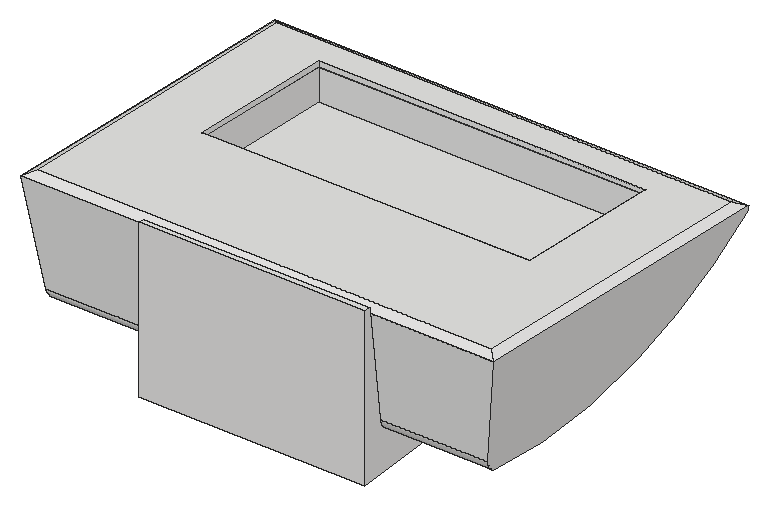
Revit family "WD2S-Up", category Lighting Fixtures, host Wall, Revit 2021
Family settings
  Host = Wall
  Round Connector Dimension = Use Diameter
  Part Type = Normal
  OmniClass Number = 23.80.70.14.11.17
  OmniClass Title = Wall or Ceiling Mounted External Lighting
  Always vertical = No
  Cut with Voids When Loaded = No
  Light Source = Yes
  Shared = Yes
  Room Calculation Point = No
Parameters (values of type "WDS-U-24L-30-3K7-3")
  Watts = 29 W
  Wattage Comments = "30, 40, 60 & 75W"  # constant formula
  Wattage = 29 W
  built-in parameter 1150110 = 1 (stored number, unit not read)
  Voltage = 120 V
  URL = "https://www.currentlighting.com/kimlighting"
  Type Comments = "Lighting Fixture"  # constant formula
  built-in parameter 1114217 = 1 (stored number, unit not read)
  Tilt Angle = 90.00°
  built-in parameter 1150109 = 1 (stored number, unit not read)
  built-in parameter 1150134 = (empty or 0)
  built-in parameter 1150113 = 1 (stored number, unit not read)
  Series = "Wall Director"  # constant formula
  Product Page URL = ""
  Product Documentation Link = ""
  Power Factor = 1  # constant formula
  Photometric Web File = "WDS-D-24L-30-3K7-3.IES"
  Photometric Notes = "More IES files download on Photometric Web Link"  # constant formula
  OmniClass Title = "Wall or Ceiling Mounted External Lighting"  # constant formula
  OmniClass Number = "23-80 70 14 11 17"  # constant formula
  Number of Poles = 1
  Note Visible = yes
  Note Text = "LF"  # constant formula
  Mounting Height = 72.00"
  Model = "WD2S-Up"  # constant formula
  MasterFormat Title = "Parking Lighting, Site Lighting"  # constant formula
  Manufacturer = "Kim Lighting"  # constant formula
  Lumens = 3364 lm
  built-in parameter 1150115 = 1 (stored number, unit not read)
  built-in parameter 1150105 = 267.7 (stored number, unit not read)
  Load Classification = Lighting
  built-in parameter 1150137 = (empty or 0)
  built-in parameter 1150139 = (empty or 0)
  Light Engine = "3000K/70CRI"
  built-in parameter 1150112 = 1 (stored number, unit not read)
  built-in parameter 1150114 = 1 (stored number, unit not read)
  Lamp = "24 LEDs"  # constant formula
  built-in parameter 1150132 = (empty or 0)
  built-in parameter 1150102 = (empty or 0)
  built-in parameter 1150138 = (empty or 0)
  built-in parameter 1150107 = 3000 (stored number, unit not read)
  built-in parameter 1150106 = 2.677 (stored number, unit not read)
  Emit from Rectangle Width = 9.00"  # constant formula
  Emit from Rectangle Length = 4.00"  # constant formula
  Emit Shape Visible in Rendering = no
  built-in parameter 1150104 = 10.777 (stored number, unit not read)
  Distribution = "Type III"
  Dimming Lamp Color Temperature Shift = <None>
  Description = "Wall Mounted Luminaire"  # constant formula
  Default Elevation = 0.00"
  Colour Option = WD : White
  Color Filter = 16777215
  built-in parameter 1114218 = 1 (stored number, unit not read)
  built-in parameter 1150133 = 10 (stored number, unit not read)
  Assembly Code = "D5020200"
  Apparent Load = 0 VA
Types (7): name | Watts | Wattage | built-in parameter 1150134 | Photometric Web File | Mounting Height | Lumens | built-in parameter 1150105 | Light Engine | built-in parameter 1150107 | built-in parameter 1150106 | built-in parameter 1150104 | Distribution
  (no name) | 29 W | 29 W | (empty or 0) | "WDS-D-24L-30-3K7-3.IES" | 72.00" | 3364 lm | 267.7 (stored number, unit not read) | "3000K/70CRI" | 3000 (stored number, unit not read) | 2.677 (stored number, unit not read) | 10.777 (stored number, unit not read) | "Type III"
  WDS-U-24L-59-4K7-3 | 59 W | 59 W | 12 | "WDS-D-24L-59-4K7-3.IES" | 72.00" | 6372 lm | 507.07 (stored number, unit not read) | "4000K/70CRI" | 4000 (stored number, unit not read) | 5.0707 (stored number, unit not read) | 10.034 (stored number, unit not read) | "Type III"
  WDS-U-24L-30-3K7-WG | 29 W | 29 W | (empty or 0) | "WDS-D-24L-30-3K7-WG.IES" | 72.00" | 3393 lm | 270.01 (stored number, unit not read) | "3000K/70CRI" | 3000 (stored number, unit not read) | 2.7001 (stored number, unit not read) | 10.87 (stored number, unit not read) | "Wall Graze"
  WDS-U-24L-42-3K7-4F | 42 W | 42 W | (empty or 0) | "WDS-D-24L-42-3K7-4F.IES" | 72.00" | 4536 lm | 360.96 (stored number, unit not read) | "3000K/70CRI" | 3000 (stored number, unit not read) | 3.6096 (stored number, unit not read) | 10.034 (stored number, unit not read) | "Type IV Forward"
  WDS-U-24L-59-5K7-1 | 59 W | 59 W | 2 | "WDS-D-24L-59-5K7-1.ies" | 72.00" | 6608 lm | 1752.7 (stored number, unit not read) | "5000K/70CRI" | 5000 (stored number, unit not read) | 17.527 (stored number, unit not read) | 10.405 (stored number, unit not read) | "Type I"
  WDS-U-24L-74-4K7-3 | 74 W | 74 W | 12 | "WDS-D-24L-74-4K7-3.IES" | 108.50" | 7844 lm | 624.21 (stored number, unit not read) | "4000K/70CRI" | 4000 (stored number, unit not read) | 6.2421 (stored number, unit not read) | 9.8477 (stored number, unit not read) | "Type III"
  WDS-U-24L-30-3K7-3 | 29 W | 29 W | (empty or 0) | "WDS-D-24L-30-3K7-3.IES" | 72.00" | 3364 lm | 267.7 (stored number, unit not read) | "3000K/70CRI" | 3000 (stored number, unit not read) | 2.677 (stored number, unit not read) | 10.777 (stored number, unit not read) | "Type III"
Reference planes (in)
  plane 1: y = 0
  plane 2 "Light Source Axis (F/B)": y = 9
  plane 3 "Light Source Axis (L/R)": x = -1.43133
  plane 4 "Light Source Elevation": z = 72
  plane 5 "Back": y = 3
  plane 6: z = 0
  plane 7: z = 70.5
Text (in)
  text "Placement Side" at (0, 30.98322, 113.37339), in view "Right"
  text "Placement Side" at (-61.11156, 46.17328, 0), in view "Ref. Level"
  text "Placement Side" at (0, 49.33155, 111.53661), in view "Left"
Dimensions and locks (in)
  locked: plane 5 "Back" to host wall
  plane 6 to plane 4 "Light Source Elevation" = 72.00"
  locked: plane 2 "Light Source Axis (F/B)" to plane 5 "Back" at 6
  locked: plane 7 to plane 4 "Light Source Elevation" at 1.5
  "Mounting Height": plane 6 to plane 4 "Light Source Elevation"
  aligned and locked: plane 4 "Light Source Elevation" to imposter light
  aligned and locked: imposter light to plane 2 "Light Source Axis (F/B)"
  aligned and locked: plane 3 "Light Source Axis (L/R)" to nested 1
  aligned and locked: plane 7 to nested 1
  aligned and locked: plane 3 "Light Source Axis (L/R)" to imposter light
Nested families (in)
  nested 1: "WD" at (-1.43133, 3, 70.5) x (1, 0, 0) z (0, 1, 0), type "Platinum Silver"
Connectors (in)
  electrical at (-1.43133, 3, 70.5), driven by "Load Classification", driven by "Voltage", driven by "Apparent Load", driven by "Power Factor"
    settings: on nested 1, index 1, voltage 120 V, apparent load 0 VA, apparent load phase1 0 VA, apparent load phase2 0 VA, apparent load phase3 0 VA, power factor 1, load classification "Lighting", number of poles 1, system type 30, power factor state 1, is connector primary yes, connector utility no, sub classification motor no, connector description "Ligthing Connector"
Definition of nested family "WD"
  Parameters
    Material Finish = none
    Glass = none
    Default Elevation = 48.00"
  Reference planes (in)
    plane 1 "Center (Front/Back)": y = 0
    plane 2: z = 0
    plane 3 "Center (Left/Right)": x = 0
    plane 4: x = -6.5
    plane 5: x = 6.5
    plane 6: y = 2.15
    plane 7: y = -2.15
    plane 8: y = -2.025
    plane 9: through (-6.5, -2.025, 48) normal (-0.9877, 0.1564, 0)
    plane 10: through (6.5, -2.025, 48) normal (-0.9877, -0.1564, 0)
    plane 11: z = 8.9
    plane 12: x = -3.1
    plane 13: x = 3.1
    plane 14: z = 7.9
    plane 15: z = 3.9
    plane 16: x = -4.5
    plane 17: x = 4.5
    plane 18: y = -1.15
  Forms (in)
    Extrusion 1, solid, material <- "Material Finish"
      sketch origin (0, 0, 0) x (0, 1, 0) y (0, 0, 1)
        loop
          line (-2.025, 0.17032) -> (0.73999, 0.50982)
          arc (0.73999, 0.50982) -> (0.97971, 0.62792) -> (1.09396, 0.8695) r 0.40569
          arc (1.09396, 0.8695) -> (1.0549, 3.28133) -> (0.43271, 5.61186) r 9.88236
          arc (0.43271, 5.61186) -> (-0.54071, 7.39296) -> (-1.90039, 8.9) r 8.69883
          line (-1.90039, 8.9) -> (-2.025, 8.9) -> (-2.025, 0.17032)
      from -6.5 to 6.5
    Extrusion 2, solid, material <- "Material Finish"
      sketch origin (0, 0, 0) x (0, 1, 0) y (0, 0, 1)
        loop
          line (-2.15, 0) -> (2.15, 0)
          arc (2.15, 0) -> (1.7043, 3.06816) -> (0.33308, 5.84881) r 9.9183
          arc (0.33308, 5.84881) -> (0.38377, 5.7307) -> (0.43271, 5.61186) r 8.69883
          arc (0.43271, 5.61186) -> (1.0549, 3.28133) -> (1.09396, 0.8695) r 9.88236
          arc (1.09396, 0.8695) -> (0.97971, 0.62792) -> (0.73999, 0.50982) r 0.40569
          line (0.73999, 0.50982) -> (-2.15, 0.15497) -> (-2.15, 0)
      from -3.1 to 3.1
    Extrusion 3, void
      sketch origin (0, 0, 0) x (1, 0, 0) y (0, 1, 0)
        loop
          line (-6.5, -2.025) -> (-5.83874, 2.15) -> (-6.5, 2.15) -> (-6.5, -2.025)
        loop
          line (6.5, -2.025) -> (6.5, 2.15) -> (5.83874, 2.15) -> (6.5, -2.025)
      from 0 to 8.9
    Blend 4, solid, material <- "Material Finish"
      base sketch origin (0, 0, 0) x (1, 0, 0) y (0, 0, 1)
        loop
          line (-6.5, 8.9) -> (-6.5, 0.17032) -> (6.5, 0.17032) -> (6.5, 8.9) -> (-6.5, 8.9)
      top sketch origin (0, 0, 0) x (1, 0, 0) y (0, 0, 1)
        loop
          line (-6.23026, 8.65) -> (-6.23026, 0.42032) -> (6.25, 0.42032) -> (6.25, 8.65) -> (-6.23026, 8.65)
      from 2.025 to 2.15
    Extrusion 5, void
      sketch origin (0, 0, 0) x (1, 0, 0) y (0, 0, 1)
        loop
          line (-4.5, 7.9) -> (-4.5, 3.9) -> (4.5, 3.9) -> (4.5, 7.9) -> (-4.5, 7.9)
      from 1.15 to 2.15
    Extrusion 6, solid, material <- "Glass"
      sketch origin (0, 0, 0) x (1, 0, 0) y (0, 0, 1)
        loop
          line (-4.5, 7.9) -> (-4.5, 3.9) -> (4.5, 3.9) -> (4.5, 7.9) -> (-4.5, 7.9)
      from 2.025 to 2.15
  Cuts and joins
    Extrusion 3, Extrusion 5 cuts Extrusion 1
    Extrusion 5 cuts Blend 4
  Dimensions and locks (in)
    equal spacing: plane 4, plane 3 "Center (Left/Right)", plane 5
    locked: plane 4 to plane 5 at 13
    equal spacing: plane 6, plane 1 "Center (Front/Back)", plane 7
    locked: plane 6 to plane 7 at 4.3
    locked: plane 8 to plane 7 at 0.125
    plane 11 to plane 2 = 8.90"
    equal spacing: plane 12, plane 3 "Center (Left/Right)", plane 13, locked at 3.1 each
    locked: plane 11 to plane 14 at 1
    locked: plane 14 to plane 15 at 4
    locked: plane 16 to plane 4 at 2
    locked: plane 5 to plane 17 at 2
    locked: plane 18 to plane 7 at 1
    angle plane 9 to plane 4 = 9.00°
    aligned and locked: plane 2 to level
    aligned and locked: Extrusion 1 sketch curve to plane 8
    aligned and locked: Extrusion 2 sketch curve to plane 7
    aligned and locked: plane 2 to Extrusion 2 sketch curve
    aligned and locked: Extrusion 1 to plane 4
    aligned and locked: plane 5 to Extrusion 1
    aligned and locked: Extrusion 2 to plane 12
    aligned and locked: Extrusion 2 to plane 13
    aligned and locked: plane 6 to Extrusion 3 sketch curve
    aligned and locked: Extrusion 3 sketch curve to plane 4
    aligned and locked: Extrusion 3 sketch curve to plane 9
    aligned and locked: Extrusion 3 sketch curve to plane 6
    aligned and locked: Extrusion 3 sketch curve to plane 10
    aligned and locked: Extrusion 3 sketch curve to plane 5
    aligned and locked: plane 11 to Extrusion 3
    aligned and locked: Extrusion 3 to plane 2
    aligned and locked: Blend 4 sketch curve to cut or joined group of Extrusion 1, Extrusion 3, Extrusion 5  (x4)
    aligned and locked: plane 8 to Blend 4
    aligned and locked: Blend 4 to plane 7
    aligned and locked: Extrusion 5 sketch curve to plane 14
    aligned and locked: plane 16 to Extrusion 5 sketch curve
    aligned and locked: plane 15 to Extrusion 5 sketch curve
    aligned and locked: Extrusion 5 sketch curve to plane 17
    aligned and locked: Extrusion 5 to plane 7
    aligned and locked: plane 18 to Extrusion 5
    aligned and locked: Extrusion 6 sketch curve to cut or joined group of Extrusion 1, Extrusion 3, Extrusion 5  (x4)
    aligned and locked: plane 8 to Extrusion 6
    aligned and locked: Extrusion 6 to plane 7
  Automatic sketch dimensions
    level to Extrusion 1 sketch curve = 0.17032"
    Extrusion 1 sketch curve to plane 11 = 0.00"
    Extrusion 1 sketch curve to Extrusion 1 sketch curve = 1.09767"
    Extrusion 1 sketch curve to plane 1 "Center (Front/Back)" = 0.69055"
    Extrusion 1 sketch curve to Extrusion 1 sketch curve = 0.04944"
    level to Extrusion 1 sketch curve = 0.50982"
    Extrusion 1 sketch curve to Extrusion 1 sketch curve = 0.40267"
    Extrusion 1 sketch curve to Extrusion 1 sketch curve = 0.44255"
    Extrusion 1 sketch curve to Extrusion 1 sketch curve = 0.12461"
    Extrusion 1 sketch curve to plane 1 "Center (Front/Back)" = 0.43271"
    Extrusion 1 sketch curve to Extrusion 1 sketch curve = 0.00"  (x2)
    Extrusion 2 sketch curve to plane 6 = 0.00"
    level to Extrusion 2 sketch curve = 2.35914"
    level to Extrusion 2 sketch curve = 0.12577"
    Extrusion 2 sketch curve to Extrusion 2 sketch curve = 0.13241"
    Extrusion 2 sketch curve to Extrusion 2 sketch curve = 1.09767"
    Extrusion 2 sketch curve to plane 1 "Center (Front/Back)" = 0.69055"
    Extrusion 2 sketch curve to Extrusion 2 sketch curve = 0.04944"
    Extrusion 2 sketch curve to Extrusion 2 sketch curve = 0.15497"
    level to Extrusion 2 sketch curve = 0.50982"
    Extrusion 2 sketch curve to Extrusion 2 sketch curve = 0.40267"
    Extrusion 2 sketch curve to Extrusion 2 sketch curve = 0.44255"
    Extrusion 2 sketch curve to plane 1 "Center (Front/Back)" = 0.33308"
    Extrusion 2 sketch curve to Extrusion 2 sketch curve = 0.09963"
    Extrusion 2 sketch curve to Extrusion 2 sketch curve = 0.00"
    plane 4 to Blend 4 sketch curve = 0.26974"
    Blend 4 sketch curve to plane 5 = 0.25"
    level to Blend 4 sketch curve = 0.42032"
    Blend 4 sketch curve to plane 11 = 0.25"
